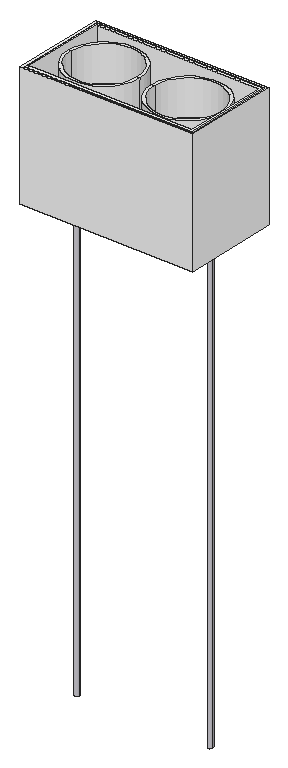
Revit family "Lighting-Pendant-Amerlux-C3M-PM-A17-3 Light", category Lighting Fixtures, host Face, Revit 2015
Parameters
  Suspension Length [instance] = 2' - 0"
  Housing Length = 0' - 9 1/8"
  Voltage = 0 V
  URL = "http://www.amerlux.com"
  Trim [instance] = yes
  Rotation Angle = 90.00°
  Power Factor = 1
  Number of Poles = 1
  Model = "C3M-PM-A17"
  Manufacturer = "Amerlux"
  Housing Width = 0' - 5"
  Lamp = "LED"
  Fixture Finish = White
  Description = "Suspended Multiple 2 Light"
  Depth = 0' - 6 1/2"
  Default Elevation = 4' - 0"
  Apparent Load = 0 VA
Reference planes (in)
  plane 1 "Center (Front/Back)": y = 0
  plane 2: z = 0
  plane 3 "Center (Left/Right)": x = 0
  plane 4: z = 18.64986
  plane 5: z = -4.75
  plane 6: z = 24
  plane 7: z = 30.64986
Forms (in)
  Extrusion 1, void
    sketch origin (0, 0, 0) x (1, 0, 0) y (0, 1, 0)
      loop
        line (-4.4375, 2.375) -> (-4.4375, -2.375) -> (4.4375, -2.375) -> (4.4375, 2.375) -> (-4.4375, 2.375)
    from 26.64597 to 30.5
  Extrusion 2, solid, material "White" <- "Fixture Finish"
    sketch origin (0, 0, 0) x (0, 1, 0) y (0, 0, 1)
      loop
        line (-2.5, 30.5) -> (-2.5, 24) -> (2.5, 24) -> (2.5, 30.5) -> (-2.5, 30.5)
    from -4.5625 to 4.5625
  Extrusion 3, solid, material "White" <- "Fixture Finish"
    sketch origin (0, 0, 0) x (1, 0, 0) y (0, 1, 0)
      loop
        line (-4.3125, 2.25) -> (-4.3125, -2.25) -> (4.3125, -2.25) -> (4.3125, 2.25) -> (-4.3125, 2.25)
      loop
        line (-4.4375, 2.375) -> (-4.4375, -2.375) -> (4.4375, -2.375) -> (4.4375, 2.375) -> (-4.4375, 2.375)
    from 30.5 to 24
  Extrusion 4, solid, material "White Finish"
    sketch origin (-3.5625, 0, 0) x (1, 0, 0) y (0, 1, 0)
      loop
        circle (0, 0) r 0.12434
    from 0 to 24
  Extrusion 5, solid, material "White Finish"
    sketch origin (3.5, 0, 0) x (1, 0, 0) y (0, 1, 0)
      loop
        circle (0, 0) r 0.12434
    from 0 to 24
Cuts and joins
  Extrusion 1 cuts Extrusion 2
Dimensions and locks (in)
  equal spacing: Extrusion 1 sketch curve, plane 1 "Center (Front/Back)", Extrusion 1 sketch curve
  "Suspension Length": plane 6 to level
  "Depth": cut or joined group of Extrusion 1, Extrusion 2 to cut or joined group of Extrusion 1, Extrusion 2
  cut or joined group of Extrusion 1, Extrusion 2 to cut or joined group of Extrusion 1, Extrusion 2 = 0' - 3.85403"
  locked: plane 7 to plane 6 at 6.64986
  equal spacing: cut or joined group of Extrusion 1, Extrusion 2, plane 1 "Center (Front/Back)", cut or joined group of Extrusion 1, Extrusion 2
  "Housing Width": cut or joined group of Extrusion 1, Extrusion 2 to cut or joined group of Extrusion 1, Extrusion 2
  equal spacing: cut or joined group of Extrusion 1, Extrusion 2, plane 3 "Center (Left/Right)", cut or joined group of Extrusion 1, Extrusion 2
  "Housing Length": cut or joined group of Extrusion 1, Extrusion 2 to cut or joined group of Extrusion 1, Extrusion 2
  locked: cut or joined group of Extrusion 1, Extrusion 2 to cut or joined group of Extrusion 1, Extrusion 2 at 3.85403
  aligned and locked: plane 2 to host face
  aligned and locked: level to host face
  aligned and locked: Extrusion 3 to cut or joined group of Extrusion 1, Extrusion 2
  aligned and locked: Extrusion 2 to plane 6
  aligned and locked: cut or joined group of Extrusion 1, Extrusion 2 to Extrusion 3
  aligned and locked: cut or joined group of Extrusion 1, Extrusion 2 to Extrusion 1
  aligned and locked: Extrusion 1 sketch curve to Extrusion 3
  aligned and locked: Extrusion 5 to cut or joined group of Extrusion 1, Extrusion 2
  aligned and locked: Extrusion 4 to cut or joined group of Extrusion 1, Extrusion 2
Automatic sketch dimensions
  host sketch curve to host sketch curve = 2' - 6.49556"
  host sketch curve to host sketch curve = 2' - 7.77944"
  Extrusion 1 sketch curve to plane 3 "Center (Left/Right)" = 0' - 4 7/16"
  plane 1 "Center (Front/Back)" to Extrusion 1 sketch curve = 0' - 2 3/8"
  Extrusion 2 sketch curve to plane 6 = 0' - 0"
  plane 1 "Center (Front/Back)" to Extrusion 2 sketch curve = 0' - 2 1/2"
  Extrusion 2 sketch curve to plane 1 "Center (Front/Back)" = 0' - 2 1/2"
  Extrusion 2 sketch curve to plane 7 = 0' - 0.14986"
  Extrusion 3 sketch curve to plane 3 "Center (Left/Right)" = 0' - 4 7/16"
  Extrusion 3 sketch curve to Extrusion 3 sketch curve = 0' - 0 1/8"  (x4)
  plane 3 "Center (Left/Right)" to Extrusion 3 sketch curve = 0' - 4 5/16"
  plane 1 "Center (Front/Back)" to Extrusion 3 sketch curve = 0' - 2 3/8"
  Extrusion 3 sketch curve to plane 1 "Center (Front/Back)" = 0' - 2 1/4"
  plane 1 "Center (Front/Back)" to Extrusion 4 sketch curve = 0' - 0"
  Extrusion 4 sketch curve to plane 3 "Center (Left/Right)" = 0' - 3 9/16"
  plane 1 "Center (Front/Back)" to Extrusion 5 sketch curve = 0' - 0"
  plane 3 "Center (Left/Right)" to Extrusion 5 sketch curve = 0' - 3 1/2"
  radius of Extrusion 4 sketch curve = 0' - 0.12434"
  radius of Extrusion 5 sketch curve = 0' - 0.12434"
Nested families (in)
  nested 1: "Amerlux-Cylindrix" at (-1.209, 2.00423, 26.64597) x (-1, 0, 0) z (0, 0, 1), Rotation Angle <- "Rotation Angle", type "Lighting-Accent-Amerlux-Cylindrix III Mini C3MV"
    with Rotation Angle 90.00°, Light Source Angle 90.00°
  nested 2: "Amerlux-Cylindrix" at (1.37948, -2.00423, 26.64597), Rotation Angle <- "Rotation Angle", type "Lighting-Accent-Amerlux-Cylindrix III Mini C3MV"
    with Rotation Angle 90.00°, Light Source Angle 90.00°
Connectors (in)
  electrical at (0, 0, 24), driven by "Number of Poles", driven by "Voltage", driven by "Apparent Load", driven by "Power Factor"
    settings: on Extrusion 2, index 1, voltage 0 V, apparent load 0 VA, apparent load phase1 0 VA, apparent load phase2 0 VA, apparent load phase3 0 VA, power factor 1, load classification "Other", number of poles 1, system type 31, power factor state 1, is connector primary yes, connector utility yes, sub classification motor no, connector description "Power"
Definition of nested family "Amerlux-Cylindrix"
  Parameters (values of type "Lighting-Accent-Amerlux-Cylindrix III Mini C3MV")
    Voltage = 0 V
    Rotation Angle [instance] = 90.00°
    Power Factor = 1
    Photometric Web File = ""
    Number of Poles = 1
    Material = none
    Light Source Angle [instance] = Rotation Angle  # 90.00°
    Lamp = "LED"
    Input Wattage = ""
    Wattage = 26 W
    built-in parameter 1150110 = 1 (stored number, unit not read)
    URL = "http://www.amerlux.com"
    built-in parameter 1114217 = 1 (stored number, unit not read)
    Tilt Angle = 90.00°
    built-in parameter 1150109 = 1 (stored number, unit not read)
    built-in parameter 1150134 = 12
    built-in parameter 1150113 = 1 (stored number, unit not read)
    Model = "Cylindrix III Mini"
    Manufacturer = "Amerlux"
    built-in parameter 1150105 = 206.9 (stored number, unit not read)
    Lumens = 2600 lm
    built-in parameter 1150115 = 1 (stored number, unit not read)
    built-in parameter 1150137 = (empty or 0)
    built-in parameter 1150139 = (empty or 0)
    built-in parameter 1150112 = 1 (stored number, unit not read)
    built-in parameter 1150114 = 1 (stored number, unit not read)
    Keynote = ""
    built-in parameter 1150132 = (empty or 0)
    built-in parameter 1150102 = (empty or 0)
    built-in parameter 1150107 = 4000 (stored number, unit not read)
    built-in parameter 1150138 = (empty or 0)
    built-in parameter 1150106 = 2.069 (stored number, unit not read)
    Finish = ""
    Emit from Circle Diameter = 0' - 3 1/4"
    Emit Shape Visible in Rendering = yes
    built-in parameter 1150104 = 9.2903 (stored number, unit not read)
    Dimming Lamp Color Temperature Shift = (empty or 0)
    Description = "Track Lighting"
    Default Elevation = 4' - 0"
    Color Filter = 16777215
    built-in parameter 1114218 = 1 (stored number, unit not read)
    built-in parameter 1150133 = 10 (stored number, unit not read)
    Assembly Code = ""
    Apparent Load = 0 VA
  Reference planes (in)
    plane 1 "Center (Front/Back)": y = 2.00423
    plane 2: z = 0
    plane 3 "Center (Left/Right)": x = 2.916
    plane 4: z = 5.5625
    plane 5: y = 3.00423
    plane 6: y = 1.00423
    plane 7: through (0, 3.00979, 3.84794) normal (0, 0.5736, 0.8192)
    plane 8: through (0, -1.77321, 2.57435) normal (0, -0.5736, -0.8192)
  Forms (in)
    Extrusion 1, solid
      sketch origin (0, -1.75, 0) x (1, 0, 0) y (0, 1, 0)
        loop
          line (-4.834, 9.47868) -> (-4.834, -2.91739) -> (7.17098, -2.91739) -> (7.17098, 9.47868) -> (-4.834, 9.47868)
      from 0 to -0.03652
  Dimensions and locks (in)
    equal spacing: plane 5, plane 1 "Center (Front/Back)", plane 6
    "Rotation Angle": angle level to nested 1
    "Light Source Angle": angle level to imposter light
    aligned and locked: plane 2 to Extrusion 1
    aligned and locked: level to Extrusion 1
    aligned: imposter light to plane 1 "Center (Front/Back)"
    aligned and locked: imposter light to nested 1
  Automatic sketch dimensions
    Extrusion 1 sketch curve to Extrusion 1 sketch curve = 1' - 0.00498"
    Extrusion 1 sketch curve to Extrusion 1 sketch curve = 1' - 0.39607"
  Nested families (in)
    nested 1: "Track Head" at (1.77159, 1.95428, 1.84844) x (0, -1, 0) z (-1, 0, 0), type "Track Head"
  Definition of nested family "Track Head"
    Parameters
      Width = 0' - 3 11/16"
      Material = none
      Default Elevation = 4' - 0"
      Assembly Code = ""
    Reference planes (in)
      plane 1 "Center (Front/Back)": y = 0
      plane 2: z = 0
      plane 3 "Center (Left/Right)": x = 0
      plane 4: z = 0.81682
      plane 5: z = 0.81682
      plane 6: y = 1.84375
      plane 7: y = -1.84375
      plane 8: z = 3.25
    Forms (in)
      Extrusion 1, solid
        sketch origin (0, 0, 0) x (1, 0, 0) y (0, 1, 0)
          loop
            line (-48, 48) -> (-48, -48) -> (48, -48) -> (48, 48) -> (-48, 48)
        from 0 to -0.80444
      Revolve 2, solid, material <- "Material"
        sketch origin (0, 0, -1.8125) x (0, 1, 0) y (0, 0, 1)
          loop
            line (-1.34375, 4.52266) -> (-1.84375, 4.23398) -> (-1.84375, 2.62932) -> (1.84375, 2.62932) -> (1.84375, 4.52266) -> (-1.34375, 4.52266)
          axis (-1.84375, 2.62932) -> (1.84375, 2.62932)
        angle from 0 to 360
      Revolve 3, void
        sketch origin (0, 0, -1.8125) x (0, 1, 0) y (0, 0, 1)
          loop
            line (1.84375, 2.62932) -> (1.84375, 4.37932) -> (0, 4.37932) -> (0, 2.62932) -> (1.84375, 2.62932)
          axis (0, 2.62932) -> (1.84375, 2.62932)
        angle from 0 to 360
    Cuts and joins
      Revolve 3 cuts Revolve 2
    Dimensions and locks (in)
      equal spacing: plane 6, plane 1 "Center (Front/Back)", plane 7
      "Width": plane 6 to plane 7
      radius of cut or joined group of Revolve 2, Revolve 3 = 0' - 1.89334"
      aligned and locked: plane 2 to Extrusion 1
      aligned and locked: level to Extrusion 1
      aligned and locked: Revolve 2 sketch curve to plane 4
      aligned and locked: Revolve 3 sketch curve to plane 5
      aligned and locked: plane 7 to Revolve 2 sketch curve
      aligned and locked: Revolve 2 sketch curve to plane 6
      aligned and locked: cut or joined group of Revolve 2, Revolve 3 to cut or joined group of Revolve 2, Revolve 3
      aligned and locked: plane 1 "Center (Front/Back)" to cut or joined group of Revolve 2, Revolve 3
    Automatic sketch dimensions
      Extrusion 1 sketch curve to Extrusion 1 sketch curve = 8' - 0"  (x2)
      Revolve 3 sketch curve to plane 5 = 0' - 0"
      Revolve 3 sketch curve to plane 1 "Center (Front/Back)" = 0' - 0"
      plane 6 to Revolve 3 sketch curve = 0' - 0"
      Revolve 3 sketch curve to Revolve 3 sketch curve = 0' - 1 3/4"
      plane 7 to Revolve 3 sketch curve = 0' - 0.4751"
      Revolve 3 sketch curve to plane 6 = 0' - 1.36838"
      Revolve 2 sketch curve to plane 4 = 0' - 0"
      Revolve 2 sketch curve to Revolve 2 sketch curve = 0' - 1.89334"
      plane 7 to Revolve 2 sketch curve = 0' - 5.73878"
      Revolve 2 sketch curve to plane 6 = 0' - 7.02134"
      Revolve 2 sketch curve to Revolve 2 sketch curve = 0' - 0.28868"
      Revolve 2 sketch curve to plane 7 = 0' - 0 1/2"
